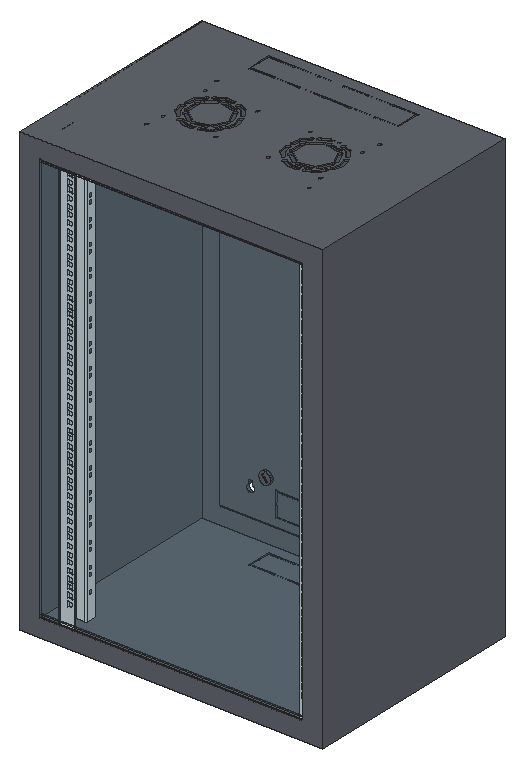
Revit family "Cajas fijas Legrand Linkeo con paneles laterales fijos", category Equipement spécialisé, Revit 2020 (continued)
Automatic sketch dimensions
  Extrusion 57 sketch curve to Extrusion 57 sketch curve = 2.638 mm  (x6)
  Extrusion 57 sketch curve to Extrusion 57 sketch curve = 7.453 mm
  Extrusion 57 sketch curve to Extrusion 57 sketch curve = 7.509 mm  (x2)
  Extrusion 57 sketch curve to Extrusion 57 sketch curve = 1.957 mm  (x2)
  Extrusion 57 sketch curve to Extrusion 57 sketch curve = 2.02 mm  (x3)
  Extrusion 57 sketch curve to Extrusion 57 sketch curve = 2.023 mm
  Extrusion 57 sketch curve to Extrusion 57 sketch curve = 7.608 mm  (x2)
  Extrusion 57 sketch curve to Extrusion 57 sketch curve = 7.784 mm
  Extrusion 57 sketch curve to Extrusion 57 sketch curve = 0.664 mm  (x2)
  Extrusion 57 sketch curve to Extrusion 57 sketch curve = 1.373 mm
  Extrusion 57 sketch curve to Extrusion 57 sketch curve = 1.477 mm
  Extrusion 57 sketch curve to Extrusion 57 sketch curve = 2.658 mm  (x2)
  Extrusion 57 sketch curve to Extrusion 57 sketch curve = 2.635 mm  (x2)
  Extrusion 57 sketch curve to Extrusion 57 sketch curve = 3.199 mm
  Extrusion 57 sketch curve to Extrusion 57 sketch curve = 3.244 mm
  Extrusion 57 sketch curve to Extrusion 57 sketch curve = 4.25 mm  (x8)
  Extrusion 57 sketch curve to Extrusion 57 sketch curve = 5.15 mm  (x2)
  Extrusion 57 sketch curve to Extrusion 57 sketch curve = 3.196 mm  (x3)
  Extrusion 57 sketch curve to Extrusion 57 sketch curve = 3.248 mm
  Extrusion 57 sketch curve to Extrusion 57 sketch curve = 2.099 mm
  Extrusion 57 sketch curve to Extrusion 57 sketch curve = 8.755 mm  (x2)
  Extrusion 57 sketch curve to Extrusion 57 sketch curve = 3.947 mm  (x2)
  Extrusion 57 sketch curve to Extrusion 57 sketch curve = 3.981 mm  (x2)
  Extrusion 57 sketch curve to Extrusion 57 sketch curve = 9.129 mm
  Extrusion 57 sketch curve to Extrusion 57 sketch curve = 3.194 mm
  Extrusion 57 sketch curve to Extrusion 57 sketch curve = 9.259 mm
  Extrusion 57 sketch curve to Extrusion 57 sketch curve = 0.974 mm  (x2)
  Extrusion 57 sketch curve to Extrusion 57 sketch curve = 4.183 mm  (x3)
  Extrusion 57 sketch curve to Extrusion 57 sketch curve = 12.801 mm
  Extrusion 57 sketch curve to Extrusion 57 sketch curve = 12.446 mm
  Extrusion 57 sketch curve to Extrusion 57 sketch curve = 98.699 mm
  Extrusion 57 sketch curve to Extrusion 57 sketch curve = 0.02 mm
  Extrusion 57 sketch curve to Extrusion 57 sketch curve = 4.096 mm
  Extrusion 57 sketch curve to Extrusion 57 sketch curve = 4.128 mm
  Extrusion 57 sketch curve to Extrusion 57 sketch curve = 0.11 mm
  Extrusion 57 sketch curve to Extrusion 57 sketch curve = 4.218 mm
  Extrusion 57 sketch curve to Extrusion 57 sketch curve = 4.415 mm
  Extrusion 57 sketch curve to Extrusion 57 sketch curve = 4.115 mm  (x2)
  Extrusion 57 sketch curve to Extrusion 57 sketch curve = 2.162 mm
  Extrusion 57 sketch curve to Extrusion 57 sketch curve = 3.395 mm
  Extrusion 57 sketch curve to Extrusion 57 sketch curve = 5.935 mm
  Extrusion 57 sketch curve to Extrusion 57 sketch curve = 3.442 mm  (x5)
  Extrusion 57 sketch curve to Extrusion 57 sketch curve = 9.844 mm
  Extrusion 57 sketch curve to Extrusion 57 sketch curve = 3.834 mm
  Extrusion 57 sketch curve to Extrusion 57 sketch curve = 6.233 mm
  Extrusion 57 sketch curve to Extrusion 57 sketch curve = 3.838 mm
  Extrusion 57 sketch curve to Extrusion 57 sketch curve = 11.649 mm
  Extrusion 57 sketch curve to Extrusion 57 sketch curve = 3.445 mm
  Extrusion 57 sketch curve to Extrusion 57 sketch curve = 1.663 mm
  Extrusion 57 sketch curve to Extrusion 57 sketch curve = 6.879 mm
  Extrusion 57 sketch curve to Extrusion 57 sketch curve = 1.596 mm
  Extrusion 57 sketch curve to Extrusion 57 sketch curve = 3.825 mm
  Extrusion 57 sketch curve to Extrusion 57 sketch curve = 9.789 mm
  Extrusion 57 sketch curve to Extrusion 57 sketch curve = 0.957 mm
  Extrusion 57 sketch curve to Extrusion 57 sketch curve = 2.681 mm
  Extrusion 57 sketch curve to Extrusion 57 sketch curve = 1.662 mm
  Extrusion 57 sketch curve to Extrusion 57 sketch curve = 12.746 mm
  Extrusion 57 sketch curve to Extrusion 57 sketch curve = 0.119 mm
  Extrusion 57 sketch curve to Extrusion 57 sketch curve = 0.121 mm
  Extrusion 57 sketch curve to Extrusion 57 sketch curve = 7.502 mm
  Extrusion 57 sketch curve to Extrusion 57 sketch curve = 7.853 mm
  Extrusion 57 sketch curve to Extrusion 57 sketch curve = 1.018 mm
  Extrusion 57 sketch curve to Extrusion 57 sketch curve = 3.425 mm
  Extrusion 57 sketch curve to Extrusion 57 sketch curve = 10.093 mm
  Extrusion 57 sketch curve to Extrusion 57 sketch curve = 2.018 mm
  Extrusion 57 sketch curve to Extrusion 57 sketch curve = 7.782 mm
  Extrusion 57 sketch curve to Extrusion 57 sketch curve = 2.656 mm
  Extrusion 57 sketch curve to Extrusion 57 sketch curve = 1.916 mm
  Extrusion 57 sketch curve to Extrusion 57 sketch curve = 2.086 mm
  Extrusion 57 sketch curve to Extrusion 57 sketch curve = 3.246 mm  (x3)
  Extrusion 57 sketch curve to Extrusion 57 sketch curve = 8.844 mm
  Extrusion 57 sketch curve to Extrusion 57 sketch curve = 4.946 mm
  Extrusion 57 sketch curve to Extrusion 57 sketch curve = 9.339 mm
  Extrusion 57 sketch curve to Extrusion 57 sketch curve = 4.182 mm  (x2)
  Extrusion 57 sketch curve to Extrusion 57 sketch curve = 3.193 mm
  Extrusion 57 sketch curve to Extrusion 57 sketch curve = 4.17 mm  (x2)
  Extrusion 57 sketch curve to Extrusion 57 sketch curve = 12.448 mm
  Extrusion 57 sketch curve to Extrusion 57 sketch curve = 16.00 mm
  Extrusion 57 sketch curve to Extrusion 57 sketch curve = 4.998 mm  (x2)
  Extrusion 57 sketch curve to Extrusion 57 sketch curve = 32.934 mm  (x2)
  Extrusion 57 sketch curve to Extrusion 57 sketch curve = 0.039 mm  (x3)
  Extrusion 57 sketch curve to Extrusion 57 sketch curve = 0.04 mm
  Extrusion 57 sketch curve to Extrusion 57 sketch curve = 2.498 mm
  Extrusion 57 sketch curve to Extrusion 57 sketch curve = 35.498 mm
  Extrusion 57 sketch curve to Extrusion 57 sketch curve = 2.525 mm
  Extrusion 57 sketch curve to Extrusion 57 sketch curve = 2.566 mm
  Extrusion 57 sketch curve to Extrusion 57 sketch curve = 35.50 mm  (x2)
  Extrusion 57 sketch curve to Extrusion 57 sketch curve = 3.741 mm  (x2)
  Extrusion 57 sketch curve to Extrusion 57 sketch curve = 3.74 mm
  Extrusion 57 sketch curve to Extrusion 57 sketch curve = 4.248 mm
  Extrusion 57 sketch curve to Extrusion 57 sketch curve = 0.951 mm
  Extrusion 57 sketch curve to Extrusion 57 sketch curve = 2.405 mm
  Extrusion 57 sketch curve to Extrusion 57 sketch curve = 1.097 mm
  Extrusion 57 sketch curve to Extrusion 57 sketch curve = 7.843 mm
  Extrusion 57 sketch curve to Extrusion 57 sketch curve = 4.281 mm
  Extrusion 57 sketch curve to Extrusion 57 sketch curve = 2.551 mm
  Extrusion 57 sketch curve to Extrusion 57 sketch curve = 2.552 mm
  Extrusion 57 sketch curve to Extrusion 57 sketch curve = 1.356 mm
  Extrusion 57 sketch curve to Extrusion 57 sketch curve = 3.912 mm  (x2)
  Extrusion 57 sketch curve to Extrusion 57 sketch curve = 3.738 mm
  Extrusion 57 sketch curve to Extrusion 57 sketch curve = 3.56 mm
  Extrusion 57 sketch curve to Extrusion 57 sketch curve = 3.911 mm
  Extrusion 57 sketch curve to Extrusion 57 sketch curve = 0.382 mm
  Extrusion 57 sketch curve to Extrusion 57 sketch curve = 7.868 mm
  Extrusion 57 sketch curve to Extrusion 57 sketch curve = 11.634 mm
  Extrusion 57 sketch curve to Extrusion 57 sketch curve = 5.35 mm
  Extrusion 57 sketch curve to Extrusion 57 sketch curve = 5.352 mm
  Extrusion 57 sketch curve to Extrusion 57 sketch curve = 3.464 mm  (x2)
  Extrusion 57 sketch curve to Extrusion 57 sketch curve = 6.063 mm
  Extrusion 57 sketch curve to Extrusion 57 sketch curve = 6.064 mm
  Extrusion 57 sketch curve to Extrusion 57 sketch curve = 3.332 mm  (x2)
  Extrusion 57 sketch curve to Extrusion 57 sketch curve = 3.713 mm
  Extrusion 57 sketch curve to Extrusion 57 sketch curve = 2.743 mm  (x2)
  Extrusion 57 sketch curve to Extrusion 57 sketch curve = 2.741 mm
  Extrusion 57 sketch curve to Extrusion 57 sketch curve = 4.141 mm  (x2)
  Extrusion 57 sketch curve to Extrusion 57 sketch curve = 10.631 mm
  Extrusion 57 sketch curve to Extrusion 57 sketch curve = 13.187 mm
  Extrusion 57 sketch curve to Extrusion 57 sketch curve = 2.556 mm
  Extrusion 57 sketch curve to Extrusion 57 sketch curve = 2.554 mm
  Extrusion 57 sketch curve to Extrusion 57 sketch curve = 0.959 mm
  Extrusion 57 sketch curve to Extrusion 57 sketch curve = 11.318 mm
  Extrusion 57 sketch curve to Extrusion 57 sketch curve = 7.433 mm
  Extrusion 57 sketch curve to Extrusion 57 sketch curve = 10.179 mm
  Extrusion 57 sketch curve to Extrusion 57 sketch curve = 1.837 mm
  Extrusion 57 sketch curve to Extrusion 57 sketch curve = 1.674 mm
  Extrusion 57 sketch curve to Extrusion 57 sketch curve = 0.749 mm
  Extrusion 57 sketch curve to Extrusion 57 sketch curve = 2.423 mm
  Extrusion 57 sketch curve to Extrusion 57 sketch curve = 3.335 mm  (x2)
  Extrusion 57 sketch curve to Extrusion 57 sketch curve = 1.873 mm  (x2)
  Extrusion 57 sketch curve to Extrusion 57 sketch curve = 10.88 mm
  Extrusion 57 sketch curve to Extrusion 57 sketch curve = 10.883 mm
  Extrusion 57 sketch curve to Extrusion 57 sketch curve = 1.142 mm
  Extrusion 57 sketch curve to Extrusion 57 sketch curve = 1.14 mm
  Extrusion 57 sketch curve to Extrusion 57 sketch curve = 9.533 mm
  Extrusion 57 sketch curve to Extrusion 57 sketch curve = 9.534 mm
  Extrusion 57 sketch curve to Extrusion 57 sketch curve = 0.011 mm
  Extrusion 57 sketch curve to Extrusion 57 sketch curve = 0.01 mm
  Extrusion 57 sketch curve to Extrusion 57 sketch curve = 8.315 mm
  Extrusion 57 sketch curve to Extrusion 57 sketch curve = 8.317 mm
  Extrusion 57 sketch curve to Extrusion 57 sketch curve = 4.075 mm  (x2)
  Extrusion 57 sketch curve to Extrusion 57 sketch curve = 4.082 mm
  Extrusion 57 sketch curve to Extrusion 57 sketch curve = 0.758 mm
  Extrusion 57 sketch curve to Extrusion 57 sketch curve = 0.75 mm
  Extrusion 57 sketch curve to Extrusion 57 sketch curve = 1.832 mm
  Extrusion 57 sketch curve to Extrusion 57 sketch curve = 1.833 mm
  Extrusion 57 sketch curve to Extrusion 57 sketch curve = 6.438 mm
  Extrusion 57 sketch curve to Extrusion 57 sketch curve = 6.449 mm
  Extrusion 57 sketch curve to Extrusion 57 sketch curve = 1.144 mm
  Extrusion 57 sketch curve to Extrusion 57 sketch curve = 1.135 mm
  Extrusion 57 sketch curve to Extrusion 57 sketch curve = 9.734 mm
  Extrusion 57 sketch curve to Extrusion 57 sketch curve = 1.864 mm
  Extrusion 57 sketch curve to Extrusion 57 sketch curve = 9.773 mm
  Extrusion 57 sketch curve to Extrusion 57 sketch curve = 11.668 mm
  Extrusion 57 sketch curve to Extrusion 57 sketch curve = 13.243 mm
  Extrusion 57 sketch curve to Extrusion 57 sketch curve = 0.82 mm
  Extrusion 57 sketch curve to Extrusion 57 sketch curve = 4.72 mm
  Extrusion 57 sketch curve to Extrusion 57 sketch curve = 5.555 mm
  Extrusion 57 sketch curve to Extrusion 57 sketch curve = 0.015 mm  (x2)
  Extrusion 57 sketch curve to Extrusion 57 sketch curve = 9.069 mm
  Extrusion 57 sketch curve to Extrusion 57 sketch curve = 1.059 mm
  Extrusion 57 sketch curve to Extrusion 57 sketch curve = 10.127 mm
  Extrusion 57 sketch curve to Extrusion 57 sketch curve = 1.063 mm
  Extrusion 57 sketch curve to Extrusion 57 sketch curve = 9.504 mm
  Extrusion 57 sketch curve to Extrusion 57 sketch curve = 9.519 mm
  Extrusion 57 sketch curve to Extrusion 57 sketch curve = 0.888 mm  (x2)
  Extrusion 57 sketch curve to Extrusion 57 sketch curve = 1.945 mm  (x2)
  Extrusion 57 sketch curve to Extrusion 57 sketch curve = 0.83 mm
  Extrusion 57 sketch curve to Extrusion 57 sketch curve = 0.835 mm
  Extrusion 57 sketch curve to Extrusion 57 sketch curve = 9.576 mm
  Extrusion 57 sketch curve to Extrusion 57 sketch curve = 18.645 mm
  Extrusion 57 sketch curve to Extrusion 57 sketch curve = 3.316 mm  (x3)
  Extrusion 57 sketch curve to Extrusion 57 sketch curve = 3.318 mm
  Extrusion 57 sketch curve to Extrusion 57 sketch curve = 9.348 mm
  Extrusion 57 sketch curve to Extrusion 57 sketch curve = 1.863 mm
  Extrusion 57 sketch curve to Extrusion 57 sketch curve = 1.862 mm
  Extrusion 57 sketch curve to Extrusion 57 sketch curve = 2.493 mm  (x3)
  Extrusion 57 sketch curve to Extrusion 57 sketch curve = 12.899 mm
  Extrusion 57 sketch curve to Extrusion 57 sketch curve = 7.351 mm
  Extrusion 57 sketch curve to Extrusion 57 sketch curve = 10.962 mm
  Extrusion 57 sketch curve to Extrusion 57 sketch curve = 0.294 mm
  Extrusion 57 sketch curve to Extrusion 57 sketch curve = 9.196 mm
  Extrusion 57 sketch curve to Extrusion 57 sketch curve = 9.197 mm
  Extrusion 57 sketch curve to Extrusion 57 sketch curve = 1.621 mm
  Extrusion 57 sketch curve to Extrusion 57 sketch curve = 1.622 mm
  Extrusion 57 sketch curve to Extrusion 57 sketch curve = 2.798 mm
  Extrusion 57 sketch curve to Extrusion 57 sketch curve = 10.148 mm
  Extrusion 57 sketch curve to Extrusion 57 sketch curve = 9.556 mm
  Extrusion 57 sketch curve to Extrusion 57 sketch curve = 4.148 mm  (x2)
  Extrusion 57 sketch curve to Extrusion 57 sketch curve = 4.147 mm  (x2)
  Extrusion 57 sketch curve to Extrusion 57 sketch curve = 0.521 mm  (x2)
  Extrusion 57 sketch curve to Extrusion 57 sketch curve = 3.415 mm  (x2)
  Extrusion 57 sketch curve to Extrusion 57 sketch curve = 2.489 mm
  Extrusion 57 sketch curve to Extrusion 57 sketch curve = 3.773 mm  (x2)
  Extrusion 57 sketch curve to Extrusion 57 sketch curve = 6.194 mm  (x2)
  Extrusion 57 sketch curve to Extrusion 57 sketch curve = 3.579 mm  (x2)
  Extrusion 57 sketch curve to Extrusion 57 sketch curve = 7.574 mm
  Extrusion 57 sketch curve to Extrusion 57 sketch curve = 7.575 mm
  Extrusion 57 sketch curve to Extrusion 57 sketch curve = 3.882 mm  (x2)
  Extrusion 57 sketch curve to Extrusion 57 sketch curve = 4.246 mm  (x2)
  Extrusion 57 sketch curve to Extrusion 57 sketch curve = 4.298 mm  (x2)
  Extrusion 57 sketch curve to Extrusion 57 sketch curve = 17.173 mm
  Extrusion 57 sketch curve to Extrusion 57 sketch curve = 8.927 mm
  Extrusion 57 sketch curve to Extrusion 57 sketch curve = 11.415 mm
  Extrusion 57 sketch curve to Extrusion 57 sketch curve = 14.373 mm
  Extrusion 57 sketch curve to Extrusion 57 sketch curve = 4.245 mm  (x2)
  Extrusion 57 sketch curve to Extrusion 57 sketch curve = 35.501 mm
  Extrusion 57 sketch curve to Extrusion 57 sketch curve = 4.095 mm  (x2)
  Extrusion 57 sketch curve to Extrusion 57 sketch curve = 3.823 mm  (x4)
  Extrusion 57 sketch curve to Extrusion 57 sketch curve = 1.708 mm
  Extrusion 57 sketch curve to Extrusion 57 sketch curve = 3.836 mm  (x4)
  Extrusion 57 sketch curve to Extrusion 57 sketch curve = 1.734 mm  (x3)
  Extrusion 57 sketch curve to Extrusion 57 sketch curve = 0.931 mm  (x2)
  Extrusion 57 sketch curve to Extrusion 57 sketch curve = 0.96 mm  (x6)
  Extrusion 57 sketch curve to Extrusion 57 sketch curve = 0.197 mm  (x2)
  Extrusion 57 sketch curve to Extrusion 57 sketch curve = 2.138 mm
  Extrusion 57 sketch curve to Extrusion 57 sketch curve = 2.153 mm  (x2)
  Extrusion 57 sketch curve to Extrusion 57 sketch curve = 1.952 mm  (x2)
  Extrusion 57 sketch curve to Extrusion 57 sketch curve = 2.661 mm  (x2)
  Extrusion 57 sketch curve to Extrusion 57 sketch curve = 4.169 mm  (x2)
  Extrusion 57 sketch curve to Extrusion 57 sketch curve = 0.937 mm  (x2)
  Extrusion 57 sketch curve to Extrusion 57 sketch curve = 1.711 mm
  Extrusion 57 sketch curve to Extrusion 57 sketch curve = 2.14 mm
  Extrusion 57 sketch curve to Extrusion 57 sketch curve = 4.14 mm  (x2)
  Extrusion 57 sketch curve to Extrusion 57 sketch curve = 1.831 mm
  Extrusion 57 sketch curve to Extrusion 57 sketch curve = 1.857 mm
  Extrusion 57 sketch curve to Extrusion 57 sketch curve = 0.828 mm
  Extrusion 57 sketch curve to Extrusion 57 sketch curve = 2.801 mm
  Extrusion 58 sketch curve to Extrusion 58 sketch curve = 0.00 mm
  Extrusion 58 sketch curve to Extrusion 58 sketch curve = 9.50 mm  (x4)
  Extrusion 58 sketch curve to Extrusion 58 sketch curve = 22.25 mm
  Extrusion 59 sketch curve to Extrusion 59 sketch curve = 9.50 mm  (x2)
  Extrusion 60 sketch curve to Extrusion 60 sketch curve = 0.00 mm
  Extrusion 60 sketch curve to Extrusion 60 sketch curve = 9.50 mm  (x4)
  Extrusion 60 sketch curve to Extrusion 60 sketch curve = 22.25 mm
  Extrusion 61 sketch curve to Extrusion 61 sketch curve = 9.50 mm  (x2)
  Extrusion 62 sketch curve to Extrusion 62 sketch curve = 0.00 mm
  Extrusion 62 sketch curve to Extrusion 62 sketch curve = 9.50 mm  (x4)
  Extrusion 62 sketch curve to Extrusion 62 sketch curve = 22.25 mm
  Extrusion 63 sketch curve to Extrusion 63 sketch curve = 9.50 mm  (x2)
  Extrusion 64 sketch curve to Extrusion 64 sketch curve = 0.00 mm
  Extrusion 64 sketch curve to Extrusion 64 sketch curve = 9.50 mm  (x4)
  Extrusion 64 sketch curve to Extrusion 64 sketch curve = 22.25 mm
  Extrusion 65 sketch curve to Extrusion 65 sketch curve = 9.50 mm  (x2)
  Extrusion 66 sketch curve to Extrusion 66 sketch curve = 0.00 mm
  Extrusion 66 sketch curve to Extrusion 66 sketch curve = 9.50 mm  (x4)
  Extrusion 66 sketch curve to Extrusion 66 sketch curve = 22.25 mm
  Extrusion 67 sketch curve to Extrusion 67 sketch curve = 9.50 mm  (x2)
  Extrusion 68 sketch curve to Extrusion 68 sketch curve = 0.00 mm
  Extrusion 68 sketch curve to Extrusion 68 sketch curve = 9.50 mm  (x4)
  Extrusion 68 sketch curve to Extrusion 68 sketch curve = 22.25 mm
  Extrusion 69 sketch curve to Extrusion 69 sketch curve = 9.50 mm  (x2)
  Extrusion 70 sketch curve to Extrusion 70 sketch curve = 9.50 mm  (x2)
  Extrusion 71 sketch curve to Extrusion 71 sketch curve = 9.50 mm  (x2)
  Extrusion 72 sketch curve to Extrusion 72 sketch curve = 9.50 mm  (x2)
  Extrusion 73 sketch curve to Extrusion 73 sketch curve = 9.50 mm  (x2)
  Extrusion 74 sketch curve to Extrusion 74 sketch curve = 9.50 mm  (x2)
  Extrusion 75 sketch curve to Extrusion 75 sketch curve = 9.50 mm  (x2)
  Extrusion 76 sketch curve to Extrusion 76 sketch curve = 0.00 mm
  Extrusion 76 sketch curve to Extrusion 76 sketch curve = 9.50 mm  (x4)
  Extrusion 76 sketch curve to Extrusion 76 sketch curve = 22.25 mm
  Extrusion 77 sketch curve to Extrusion 77 sketch curve = 9.50 mm  (x2)
  Extrusion 78 sketch curve to Extrusion 78 sketch curve = 0.00 mm
  Extrusion 78 sketch curve to Extrusion 78 sketch curve = 9.50 mm  (x4)
  Extrusion 78 sketch curve to Extrusion 78 sketch curve = 22.25 mm
  Extrusion 79 sketch curve to Extrusion 79 sketch curve = 9.50 mm  (x2)
  Extrusion 80 sketch curve to Extrusion 80 sketch curve = 0.00 mm
  Extrusion 80 sketch curve to Extrusion 80 sketch curve = 9.50 mm  (x4)
  Extrusion 80 sketch curve to Extrusion 80 sketch curve = 22.25 mm
  Extrusion 81 sketch curve to Extrusion 81 sketch curve = 9.50 mm  (x2)
  Extrusion 82 sketch curve to Extrusion 82 sketch curve = 0.00 mm
  Extrusion 82 sketch curve to Extrusion 82 sketch curve = 9.50 mm  (x4)
  Extrusion 82 sketch curve to Extrusion 82 sketch curve = 22.25 mm
  Extrusion 83 sketch curve to Extrusion 83 sketch curve = 9.50 mm  (x2)
  Extrusion 84 sketch curve to Extrusion 84 sketch curve = 0.00 mm
  Extrusion 84 sketch curve to Extrusion 84 sketch curve = 9.50 mm  (x4)
  Extrusion 84 sketch curve to Extrusion 84 sketch curve = 22.25 mm
  Extrusion 85 sketch curve to Extrusion 85 sketch curve = 9.50 mm  (x2)
  Extrusion 86 sketch curve to Extrusion 86 sketch curve = 0.00 mm
  Extrusion 86 sketch curve to Extrusion 86 sketch curve = 9.50 mm  (x4)
  Extrusion 86 sketch curve to Extrusion 86 sketch curve = 22.25 mm
  Extrusion 87 sketch curve to Extrusion 87 sketch curve = 9.50 mm  (x2)
  Extrusion 88 sketch curve to Extrusion 88 sketch curve = 0.00 mm
  Extrusion 88 sketch curve to Extrusion 88 sketch curve = 9.50 mm  (x4)
  Extrusion 88 sketch curve to Extrusion 88 sketch curve = 22.25 mm
  Extrusion 89 sketch curve to Extrusion 89 sketch curve = 9.50 mm  (x2)
  Extrusion 90 sketch curve to Extrusion 90 sketch curve = 0.00 mm
  Extrusion 90 sketch curve to Extrusion 90 sketch curve = 9.50 mm  (x4)
  Extrusion 90 sketch curve to Extrusion 90 sketch curve = 22.25 mm
  Extrusion 91 sketch curve to Extrusion 91 sketch curve = 9.50 mm  (x2)
  Extrusion 92 sketch curve to Extrusion 92 sketch curve = 0.00 mm
  Extrusion 92 sketch curve to Extrusion 92 sketch curve = 9.50 mm  (x4)
  Extrusion 92 sketch curve to Extrusion 92 sketch curve = 22.25 mm
  Extrusion 93 sketch curve to Extrusion 93 sketch curve = 9.50 mm  (x2)
  Extrusion 94 sketch curve to Extrusion 94 sketch curve = 0.00 mm
  Extrusion 94 sketch curve to Extrusion 94 sketch curve = 9.50 mm  (x4)
  Extrusion 94 sketch curve to Extrusion 94 sketch curve = 22.25 mm
  Extrusion 95 sketch curve to Extrusion 95 sketch curve = 9.50 mm  (x2)
  Extrusion 96 sketch curve to Extrusion 96 sketch curve = 0.00 mm
  Extrusion 96 sketch curve to Extrusion 96 sketch curve = 9.50 mm  (x4)
  Extrusion 96 sketch curve to Extrusion 96 sketch curve = 22.25 mm
  Extrusion 97 sketch curve to Extrusion 97 sketch curve = 9.50 mm  (x2)
  Extrusion 98 sketch curve to Extrusion 98 sketch curve = 0.00 mm
  Extrusion 98 sketch curve to Extrusion 98 sketch curve = 9.50 mm  (x4)
  Extrusion 98 sketch curve to Extrusion 98 sketch curve = 22.25 mm
  Extrusion 99 sketch curve to Extrusion 99 sketch curve = 9.50 mm  (x2)
  Extrusion 100 sketch curve to Extrusion 100 sketch curve = 0.00 mm
  Extrusion 100 sketch curve to Extrusion 100 sketch curve = 9.50 mm  (x4)
  Extrusion 100 sketch curve to Extrusion 100 sketch curve = 22.25 mm
  Extrusion 101 sketch curve to Extrusion 101 sketch curve = 9.50 mm  (x2)
  Extrusion 102 sketch curve to Extrusion 102 sketch curve = 0.00 mm
  Extrusion 102 sketch curve to Extrusion 102 sketch curve = 9.50 mm  (x4)
  Extrusion 102 sketch curve to Extrusion 102 sketch curve = 22.25 mm
  Extrusion 103 sketch curve to Extrusion 103 sketch curve = 9.50 mm  (x2)
  Extrusion 104 sketch curve to Extrusion 104 sketch curve = 0.00 mm
  Extrusion 104 sketch curve to Extrusion 104 sketch curve = 9.50 mm  (x4)
  Extrusion 104 sketch curve to Extrusion 104 sketch curve = 22.25 mm
  Extrusion 105 sketch curve to Extrusion 105 sketch curve = 9.50 mm  (x2)
  Extrusion 106 sketch curve to Extrusion 106 sketch curve = 0.00 mm
  Extrusion 106 sketch curve to Extrusion 106 sketch curve = 9.50 mm  (x4)
  Extrusion 106 sketch curve to Extrusion 106 sketch curve = 22.25 mm
  Extrusion 107 sketch curve to Extrusion 107 sketch curve = 9.50 mm  (x2)
  Extrusion 108 sketch curve to Extrusion 108 sketch curve = 0.00 mm
  Extrusion 108 sketch curve to Extrusion 108 sketch curve = 9.50 mm  (x4)
  Extrusion 108 sketch curve to Extrusion 108 sketch curve = 22.25 mm
  Extrusion 109 sketch curve to Extrusion 109 sketch curve = 9.50 mm  (x2)
  Extrusion 110 sketch curve to Extrusion 110 sketch curve = 0.00 mm
  Extrusion 110 sketch curve to Extrusion 110 sketch curve = 9.50 mm  (x4)
  Extrusion 110 sketch curve to Extrusion 110 sketch curve = 22.25 mm
  Extrusion 111 sketch curve to Extrusion 111 sketch curve = 9.50 mm  (x2)
  Extrusion 112 sketch curve to Extrusion 112 sketch curve = 9.50 mm  (x2)
  Extrusion 113 sketch curve to Extrusion 113 sketch curve = 9.50 mm  (x2)
  Extrusion 114 sketch curve to Extrusion 114 sketch curve = 9.50 mm  (x2)
  Extrusion 115 sketch curve to Extrusion 115 sketch curve = 9.50 mm  (x2)
  Extrusion 116 sketch curve to Extrusion 116 sketch curve = 9.50 mm  (x2)
  Extrusion 117 sketch curve to Extrusion 117 sketch curve = 9.50 mm  (x2)
  Extrusion 118 sketch curve to Extrusion 118 sketch curve = 9.50 mm  (x2)
  Extrusion 119 sketch curve to Extrusion 119 sketch curve = 9.50 mm  (x2)
  Extrusion 120 sketch curve to Extrusion 120 sketch curve = 9.50 mm  (x2)
  Extrusion 121 sketch curve to Extrusion 121 sketch curve = 9.50 mm  (x2)
  Extrusion 122 sketch curve to Extrusion 122 sketch curve = 9.50 mm  (x2)
  Extrusion 123 sketch curve to Extrusion 123 sketch curve = 9.50 mm  (x2)
  Extrusion 124 sketch curve to Extrusion 124 sketch curve = 9.50 mm  (x2)
  Extrusion 125 sketch curve to Extrusion 125 sketch curve = 9.50 mm  (x2)
  Extrusion 126 sketch curve to Extrusion 126 sketch curve = 9.50 mm  (x2)
  Extrusion 127 sketch curve to Extrusion 127 sketch curve = 9.50 mm  (x2)
  Extrusion 128 sketch curve to Extrusion 128 sketch curve = 9.50 mm  (x2)
  Extrusion 129 sketch curve to Extrusion 129 sketch curve = 9.50 mm  (x2)
  radius of Extrusion 53 sketch curve = 12.00 mm
  radius of Extrusion 55 sketch curve = 12.00 mm
  radius of Extrusion 6 sketch curve = 2.75 mm  (x12)
  radius of Extrusion 57 sketch curve = 2.75 mm  (x12)
Connectors
  electrical at (302.5, -2, 446)
    settings: on cut or joined group of Extrusion 1, Extrusion 2, Extrusion 3, Extrusion 6, Extrusion 7, Extrusion 8, Extrusion 40, index 1, voltage 0 V, apparent load 0 VA, apparent load phase1 0 VA, apparent load phase2 0 VA, apparent load phase3 0 VA, power factor 1, load classification "Autre", number of poles 1, system type 31, power factor state 1, is connector primary yes, connector utility no, sub classification motor no, connector description ""
Types (12, lengths in mm): name | Sujeción Y | Número de pieza Legrand | Módulos de altura | Máxima capacidad de carga | Profundidad (mm) | Formulación BIM | E-catalogo enlace | Altura útil (mm) | Altura (mm) | EAN
  Caja fija Legrand Linkeo con paneles laterales fijos 12U W600 D450 646202.rfa | 419.00 | "646202" | 12 | "36" | 454.00 | "Caja fija Legrand Linkeo con paneles laterales fijos 12U W600 D450 646202.rfa" | "https://www.legrand.fr/reference/646202/pro" | 555.00 | 625.00 | "3414970967794"
  Caja fija Legrand Linkeo con paneles laterales fijos 12U W600 D600 646212.rfa | 419.00 | "646212" | 12 | "36" | 604.00 | "Caja fija Legrand Linkeo con paneles laterales fijos 12U W600 D600 646212.rfa" | "https://www.legrand.fr/reference/646212/pro" | 555.00 | 625.00 | "3414970967855"
  Caja fija Legrand Linkeo con paneles laterales fijos 15U W600 D450 646203.rfa | 552.00 | "646203" | 15 | "45" | 454.00 | "Caja fija Legrand Linkeo con paneles laterales fijos 15U W600 D450 646203.rfa" | "https://www.legrand.fr/reference/646203/pro" | 688.00 | 759.00 | "3414970967800"
  Caja fija Legrand Linkeo con paneles laterales fijos 15U W600 D600 646213.rfa | 552.00 | "646213" | 15 | "45" | 604.00 | "Caja fija Legrand Linkeo con paneles laterales fijos 15U W600 D600 646213.rfa" | "https://www.legrand.fr/reference/646213/pro" | 688.00 | 759.00 | "3414970967862"
  Caja fija Legrand Linkeo con paneles laterales fijos 18U W600 D450 646204.rfa | 685.00 | "646204" | 18 | "54" | 454.00 | "Caja fija Legrand Linkeo con paneles laterales fijos 18U W600 D450 646204.rfa" | "https://www.legrand.fr/reference/646204/pro" | 821.00 | 892.00 | "3414970967817"
  Caja fija Legrand Linkeo con paneles laterales fijos 18U W600 D600 646214.rfa | 685.00 | "646214" | 18 | "54" | 604.00 | "Caja fija Legrand Linkeo con paneles laterales fijos 18U W600 D600 646214.rfa" | "https://www.legrand.fr/reference/646214/pro" | 821.00 | 892.00 | "3414970967879"
  Caja fija Legrand Linkeo con paneles laterales fijos 21U W600 D450 646205.rfa | 819.00 | "646205" | 21 | "63" | 454.00 | "Caja fija Legrand Linkeo con paneles laterales fijos 21U W600 D450 646205.rfa" | "https://www.legrand.fr/reference/646205/pro" | 955.00 | 1025.00 | "3414970967824"
  Caja fija Legrand Linkeo con paneles laterales fijos 21U W600 D600 646215.rfa | 819.00 | "646215" | 21 | "63" | 604.00 | "Caja fija Legrand Linkeo con paneles laterales fijos 21U W600 D600 646215.rfa" | "https://www.legrand.fr/reference/646215/pro" | 955.00 | 1025.00 | "3414970967886"
  Caja fija Legrand Linkeo con paneles laterales fijos 6U W600 D450 646200.rfa | 152.00 | "646200" | 6 | "18" | 454.00 | "Caja fija Legrand Linkeo con paneles laterales fijos 6U W600 D450 646200.rfa" | "https://www.legrand.fr/reference/646200/pro" | 288.00 | 359.00 | "3414970967770"
  Caja fija Legrand Linkeo con paneles laterales fijos 6U W600 D600 646210.rfa | 152.00 | "646210" | 6 | "18" | 604.00 | "Caja fija Legrand Linkeo con paneles laterales fijos 6U W600 D600 646210.rfa" | "https://www.legrand.fr/reference/646210/pro" | 288.00 | 359.00 | "3414970967831"
  Caja fija Legrand Linkeo con paneles laterales fijos 9U W600 D450 646201.rfa | 286.00 | "646201" | 9 | "27" | 454.00 | "Caja fija Legrand Linkeo con paneles laterales fijos 9U W600 D450 646201.rfa" | "https://www.legrand.fr/reference/646201/pro" | 422.00 | 492.00 | "3414970967787"
  Caja fija Legrand Linkeo con paneles laterales fijos 9U W600 D600 646211.rfa | 286.00 | "646211" | 9 | "27" | 604.00 | "Caja fija Legrand Linkeo con paneles laterales fijos 9U W600 D600 646211.rfa" | "https://www.legrand.fr/reference/646211/pro" | 422.00 | 492.00 | "3414970967848"
